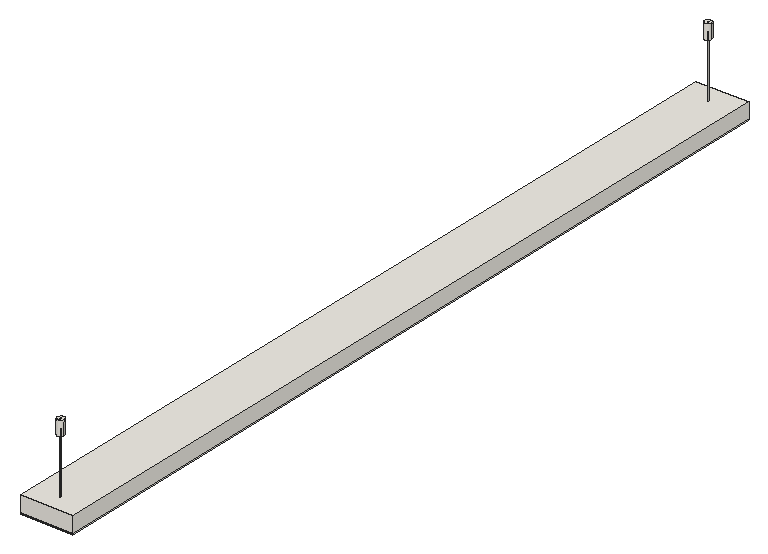
Revit family "ERA_LF_PR_SPO-5-40", category Осветительные приборы, Revit 2019 (continued)
Types (4, lengths in mm): name | Файл фотометрической сетки | built-in parameter 1150142 | Lumens | built-in parameter 1150107 | URL | ADSK_Масса | ADSK_Марка | ADSK_Обозначение | ADSK_Наименование
  SPO-5-40-6K-P (F), LED, IP20, 1200х75х24 мм (ДхШхВ), 36 Вт, 6500 К, 2880 лм, класс защиты I, в комплекте (импульсный драйвер, поликарбонат) | "SPO-5-40-6K-P (F).ies" | "IESNA:LM-63-1995\r\n[DATA] 30.11.2020\r\n[MANUFAC]??РА\r\n[LUMCAT] \r\n[LUMINAIRE] Светильник SPO-5-40-6K-P(F)\r\n[LAMP] Светодиодный модуль\r\nTILT=NONE\r\n1 3981 3.981 181 37 1 2 1.197 0.07 0.025\r\n1 1 33.938\r\n0 1 2 3 4 5 6 7 8 9 10 11 12 13 14 15 16 17 18 19 20 21 22 23 24 25 26 27 28 29 30 31 32 33 34 35 36 37 38 39 40 41 42 43 44 45 46 47 48 49 50 51 52 53 54 55 56 57 58 59 60 61 62 63 64 65 66 67 68 69 70 71 72 73 74 75 76 77 78 79 80 81 82 83 84 85 86 87 88 89 90 91 92 93 94 95 96 97 98 99 100 101 102 103 104 105 106 107 108 109 110 111 112 113 114 115 116 117 118 119 120 121 122 123 124 125 126 127 128 129 130 131 132 133 134 135 136 137 138 139 140 141 142 143 144 145 146 147 148 149 150 151 152 153 154 155 156 157 158 159 160 161 162 163 164 165 166 167 168 169 170 171 172 173 174 175 176 177 178 179 180 \r\n0 10 20 30 40 50 60 70 80 90 100 110 120 130 140 150 160 170 180 190 200 210 220 230 240 250 260 270 280 290 300 310 320 330 340 350 360 \r\n345.8 345.6 345.9 346.4 346.4 345.4 342.2 338.6 335.8 334.6 334.6 335.4 334.1 330.7 328.2 325.4 321.9 319.1 315.8 312.2 309.3 306.6 306.3 306.7 306 305.4 304.8 304.6 305.4 306 306.2 305.5 302.5 297 289.2 280.3 273.7 269.6 265.8 260 254.8 251.7 251.6 252.4 252 248.9 242.9 235 227 220.3 214.3 207 199.4 192.3 186.2 180.9 176.6 174.1 172.6 171.3 168.5 163.5 155.5 144 132.8 123.1 114.4 107.5 102.3 97.4 90.8 83.2 76.4 69.4 62.6 55.6 49.4 45 40.1 35 30 25.9 22.2 19.3 16.9 14.8 13 11.4 9.9 8.7 7.7 6.9 6.1 5.5 5.1 4.6 4.1 3.8 3.5 3.2 0 0 0 0 0 0 0 0 0 0 0 0 0 0 0 0 0 0 0 0 0 0 0 0 0 0 0 0 0 0 0 0 0 0 0 0 0 0 0 0 0 0 0 0 0 0 0 0 0 0 0 0 0 0 0 0 0 0 0 0 0 0 0 0 0 0 0 0 0 0 0 0 0 0 0 0 0 0 0 0 0\r\n345.8 346.1 346.8 348.8 351.8 353.6 351.9 347.3 342.8 338.4 335.9 335.5 335.1 333.1 330.5 328.3 325.4 322.4 319.1 314.9 311.6 310.1 309.7 309.7 309.8 309.6 309.6 310 310.1 309.7 308.4 306.3 302.5 298.4 292.7 285 277.6 272.4 267.9 262.7 256.9 253.5 253.3 254.9 254.7 251.6 245 236.6 227.5 219.7 214 210 205.7 199.6 192.1 184.6 177.7 172.9 171.5 171.8 170 164.5 156.6 147.9 137.9 127.5 118.2 111.3 105.8 99.8 92.1 84.1 76.9 70.1 63.1 56.4 50.3 45.3 40.5 35.4 30.6 26.5 22.9 19.7 17.2 15 13.1 11.5 10 8.8 7.9 7 6.5 5.7 5.3 5 4.5 4.1 3.9 3.6 3.2 3 0 0 0 0 0 0 0 0 0 0 0 0 0 0 0 0 0 0 0 0 0 0 0 0 0 0 0 0 0 0 0 0 0 0 0 0 0 0 0 0 0 0 0 0 0 0 0 0 0 0 0 0 0 0 0 0 0 0 0 0 0 0 0 0 0 0 0 0 0 0 0 0 0 0 0 0 0 0 0\r\n345.8 345.8 346.4 348 350.6 352.5 351.4 347.1 342.6 338.7 335.8 334.8 334.9 333.8 331 328.3 326.1 323.1 320.2 316.9 312.8 309.4 307.5 307 306.8 306.8 306.3 305.8 305.9 305.9 305.5 304.5 302.7 299.5 295.4 290.2 282.7 274.3 268.3 263.9 259.1 253 248.3 246.7 247.9 248.7 246.6 241 232.6 223.6 215.1 208.7 204.1 199.2 193.3 186.2 179.1 171.9 166.1 163.4 163 161.3 157 149.8 140.8 130.9 120.6 111 103.3 97.4 91.8 84.9 77.4 70.2 64 57.3 50.7 45 40.6 36.4 31.6 26.9 22.9 20 17.3 14.9 13.1 11.4 10.1 8.8 7.7 6.8 6.2 5.5 5.1 4.7 4.2 3.9 3.6 3.2 0 0 0 0 0 0 0 0 0 0 0 0 0 0 0 0 0 0 0 0 0 0 0 0 0 0 0 0 0 0 0 0 0 0 0 0 0 0 0 0 0 0 0 0 0 0 0 0 0 0 0 0 0 0 0 0 0 0 0 0 0 0 0 0 0 0 0 0 0 0 0 0 0 0 0 0 0 0 0 0 0\r\n345.8 345.6 346.1 347.8 350.2 352.4 352.8 350.1 345.8 341.4 337.6 335.1 333.8 333.3 332.2 329.7 326.9 324.7 322.4 319.5 316.2 312.2 308.2 305.4 304.1 303.5 302.8 302.5 301.7 301 300.8 300.5 299.9 298.5 296.4 292.9 288.7 284.3 278 269.9 262.5 257.1 252.1 246.6 241.1 237.8 237.3 238.1 237.2 232.6 224.7 215.4 206.2 198.2 192.4 188.4 184.1 177.9 169.8 161.7 154.6 149.3 147.5 146.9 142.8 135 126 117.2 108.2 99 90.9 84.2 77.8 71.4 65.1 58.6 52.8 47.2 41.5 36.9 33.2 29.3 25.3 21.4 18.4 16 14.1 12.3 10.7 9.5 8.3 7.3 6.5 5.7 5.2 4.6 4.1 3.8 3.4 0 0 0 0 0 0 0 0 0 0 0 0 0 0 0 0 0 0 0 0 0 0 0 0 0 0 0 0 0 0 0 0 0 0 0 0 0 0 0 0 0 0 0 0 0 0 0 0 0 0 0 0 0 0 0 0 0 0 0 0 0 0 0 0 0 0 0 0 0 0 0 0 0 0 0 0 0 0 0 0 0 0\r\n345.8 345.7 345.9 346.9 348.7 350.9 352.4 351.8 348.9 344.7 340.5 336.9 334.3 332.6 331.6 330.7 328.8 326 323.1 320.9 318.5 315.6 312.2 308.3 303.9 300.3 298.3 297 296 295 294 292.7 291.7 291.1 290.3 289.1 287.3 284.6 280.9 276.7 272.4 266.8 259.3 250.7 243.4 237.7 232 226.3 221.6 219.5 218.8 217.1 212.6 205.5 196.9 188 179.5 173.1 168.8 164.9 159.1 151 142.2 135 130 127.2 124.3 119 111.2 103 95.4 87.8 79.9 72.3 65.4 59.1 53.5 48.5 43.6 38.5 33.9 29.9 26.3 23.2 20.3 17.4 15 13.1 11.4 9.9 8.7 7.6 6.6 5.7 5 4.4 3.9 3.4 0 0 0 0 0 0 0 0 0 0 0 0 0 0 0 0 0 0 0 0 0 0 0 0 0 0 0 0 0 0 0 0 0 0 0 0 0 0 0 0 0 0 0 0 0 0 0 0 0 0 0 0 0 0 0 0 0 0 0 0 0 0 0 0 0 0 0 0 0 0 0 0 0 0 0 0 0 0 0 0 0 0 0\r\n345.8 345.6 345.4 345.9 347.1 348.6 350 350.9 350.5 348.5 345.3 341.6 337.9 334.6 332.1 330.3 328.9 327.6 326 323.6 320.5 317.4 314.6 312 309.4 306.4 302.8 298.6 294.2 290.4 287.4 285.3 283.8 282.1 280.1 277.9 275.4 273.5 271.7 269.7 267.2 264.1 260.5 256.5 252.4 247.8 241.8 234.1 225.5 217.6 211.1 204.8 198.9 194.9 192.1 189 184.7 178.9 171.5 163.3 155.6 148.7 142.9 137.8 131.7 123.2 114.7 108.2 103.5 99.5 94.1 86.8 79.4 72.6 66.2 59.6 52.9 47 42.2 37.7 33.3 29.4 25.8 22.5 19.8 17.4 15.2 13.2 11.5 10.1 8.7 7.5 6.4 5.5 4.6 3.8 3.2 0 0 0 0 0 0 0 0 0 0 0 0 0 0 0 0 0 0 0 0 0 0 0 0 0 0 0 0 0 0 0 0 0 0 0 0 0 0 0 0 0 0 0 0 0 0 0 0 0 0 0 0 0 0 0 0 0 0 0 0 0 0 0 0 0 0 0 0 0 0 0 0 0 0 0 0 0 0 0 0 0 0 0 0\r\n345.8 345.6 345.3 345.3 345.5 346.1 346.8 347.6 348.4 348.8 348.1 346.3 343.6 340.6 337.3 333.9 330.9 328.1 325.8 323.8 321.9 319.9 317.8 315.2 312 308.3 304.6 301.2 298.1 295.2 292.2 288.7 284.6 279.7 274.5 269.6 265.2 261.3 258.1 255.3 252.8 250.1 247.2 244 240.9 237.8 234.5 231 227.2 223.3 219.4 215.3 210.6 204.6 197.1 189.2 181.5 174.1 167 160.1 153.8 148.2 142.5 136.7 130.1 122.4 115 108.6 102.8 96.3 88.4 80.3 73.8 68.7 63.2 57.2 51.3 45.7 40.5 35.5 31 27.2 23.8 20.7 17.9 15.4 13.2 11.4 9.9 8.5 7.2 6.2 5.2 4.2 3.3 0 0 0 0 0 0 0 0 0 0 0 0 0 0 0 0 0 0 0 0 0 0 0 0 0 0 0 0 0 0 0 0 0 0 0 0 0 0 0 0 0 0 0 0 0 0 0 0 0 0 0 0 0 0 0 0 0 0 0 0 0 0 0 0 0 0 0 0 0 0 0 0 0 0 0 0 0 0 0 0 0 0 0 0 0 0\r\n345.8 345.6 345.4 345.1 344.9 344.9 345 345.2 345.4 345.7 346 346.2 346.2 345.7 344.8 343.2 340.9 338.1 335.1 331.8 328.4 324.9 321.6 318.4 315.4 312.4 309.6 306.7 303.7 300.4 296.6 292.4 287.7 282.6 277.4 272.3 267.4 262.9 258.7 254.6 250.7 246.6 242.2 237.4 232.6 227.9 223.1 218.1 213.3 208.7 204.4 200.3 195.8 191 185.7 180.2 174.6 169.3 164.1 158.9 153.5 147.8 142.2 137 131.5 124.6 116.3 107.4 99.2 91.9 85.4 78.8 72.4 66.3 60.5 54.7 49.2 43.9 38.6 33.5 28.8 24.6 21.1 18 15.1 12.7 10.7 9 7.4 6.1 5 4 3.1 0 0 0 0 0 0 0 0 0 0 0 0 0 0 0 0 0 0 0 0 0 0 0 0 0 0 0 0 0 0 0 0 0 0 0 0 0 0 0 0 0 0 0 0 0 0 0 0 0 0 0 0 0 0 0 0 0 0 0 0 0 0 0 0 0 0 0 0 0 0 0 0 0 0 0 0 0 0 0 0 0 0 0 0 0 0 0 0\r\n345.8 345.7 345.5 345.1 344.7 344.1 343.6 343.1 342.6 342.1 341.5 340.9 340.2 339.5 338.8 338 336.9 335.7 334.6 333.3 331.9 330.2 328.4 326.4 324.2 321.7 318.8 315.5 312 308.2 304 299.5 294.9 290.3 285.9 281.6 277.3 273.1 269 264.9 260.6 256.2 251.6 246.6 241.1 235.1 228.7 222.1 215.4 208.7 202 195.4 188.9 182.6 176.1 169.7 163.3 156.7 150 143.6 137.6 132.1 126.8 121.4 115.5 109.2 102.8 96.2 89.6 82.9 76.3 70 64 58.4 52.9 47.4 41.9 36.4 31.2 26.6 22.4 18.6 15.4 12.5 10 7.8 5.9 4.5 3.3 0 0 0 0 0 0 0 0 0 0 0 0 0 0 0 0 0 0 0 0 0 0 0 0 0 0 0 0 0 0 0 0 0 0 0 0 0 0 0 0 0 0 0 0 0 0 0 0 0 0 0 0 0 0 0 0 0 0 0 0 0 0 0 0 0 0 0 0 0 0 0 0 0 0 0 0 0 0 0 0 0 0 0 0 0 0 0 0 0 0 0 0\r\n345.8 345.7 345.6 345.3 345 344.5 344.1 343.5 342.7 342 341.1 340.2 339.2 338.1 336.9 335.4 334 332.4 330.7 329 327.1 325.1 323 321 318.9 316.7 314.3 311.7 308.9 305.7 302.3 298.5 294.6 291 287.4 283.8 280.4 276.8 273.1 269.4 265.5 261.5 257.3 253 248.7 244.2 239.5 234.7 229.6 224.3 218.9 213.3 207.4 201.3 195 188.5 181.8 175.1 167.9 160.2 152.5 144.9 137.7 130.5 123.3 115.9 108.1 100.4 92.5 84.4 76.4 68.6 61.4 54.8 48.4 42.3 36.4 30.9 26 21.5 17.6 14.2 11.3 8.8 6.8 5.1 3.8 0 0 0 0 0 0 0 0 0 0 0 0 0 0 0 0 0 0 0 0 0 0 0 0 0 0 0 0 0 0 0 0 0 0 0 0 0 0 0 0 0 0 0 0 0 0 3 0 0 0 0 0 0 0 0 0 0 0 0 0 0 0 0 0 0 0 0 0 0 0 0 0 0 0 0 0 0 0 0 0 0 0 0 0 0 0 0 0 0 0 0 0 0 0\r\n345.8 345.7 345.5 345.1 344.7 344.1 343.6 343.1 342.6 342.1 341.5 340.9 340.2 339.5 338.8 338 336.9 335.7 334.6 333.3 331.9 330.2 328.4 326.4 324.2 321.7 318.8 315.5 312 308.2 304 299.5 294.9 290.3 285.9 281.6 277.3 273.1 269 264.9 260.6 256.2 251.6 246.6 241.1 235.1 228.7 222.1 215.4 208.7 202 195.4 188.9 182.6 176.1 169.7 163.3 156.7 150 143.6 137.6 132.1 126.8 121.4 115.5 109.2 102.8 96.2 89.6 82.9 76.3 70 64 58.4 52.9 47.4 41.9 36.4 31.2 26.6 22.4 18.6 15.4 12.5 10 7.8 5.9 4.5 3.3 0 0 0 0 0 0 0 0 0 0 0 0 0 0 0 0 0 0 0 0 0 0 0 0 0 0 0 0 0 0 0 0 0 0 0 0 0 0 0 0 0 0 0 0 0 0 0 0 0 0 0 0 0 0 0 0 0 0 0 0 0 0 0 0 0 0 0 0 0 0 0 0 0 0 0 0 0 0 0 0 0 0 0 0 0 0 0 0 0 0 0 0\r\n345.8 345.6 345.4 345.1 344.9 344.9 345 345.2 345.4 345.7 346 346.2 346.2 345.7 344.8 343.2 340.9 338.1 335.1 331.8 328.4 324.9 321.6 318.4 315.4 312.4 309.6 306.7 303.7 300.4 296.6 292.4 287.7 282.6 277.4 272.3 267.4 262.9 258.7 254.6 250.7 246.6 242.2 237.4 232.6 227.9 223.1 218.1 213.3 208.7 204.4 200.3 195.8 191 185.7 180.2 174.6 169.3 164.1 158.9 153.5 147.8 142.2 137 131.5 124.6 116.3 107.4 99.2 91.9 85.4 78.8 72.4 66.3 60.5 54.7 49.2 43.9 38.6 33.5 28.8 24.6 21.1 18 15.1 12.7 10.7 9 7.4 6.1 5 4 3.1 0 0 0 0 0 0 0 0 0 0 0 0 0 0 0 0 0 0 0 0 0 0 0 0 0 0 0 0 0 0 0 0 0 0 0 0 0 0 0 0 0 0 0 0 0 0 0 0 0 0 0 0 0 0 0 0 0 0 0 0 0 0 0 0 0 0 0 0 0 0 0 0 0 0 0 0 0 0 0 0 0 0 0 0 0 0 0 0\r\n345.8 345.6 345.3 345.3 345.5 346.1 346.8 347.6 348.4 348.8 348.1 346.3 343.6 340.6 337.3 333.9 330.9 328.1 325.8 323.8 321.9 319.9 317.8 315.2 312 308.3 304.6 301.2 298.1 295.2 292.2 288.7 284.6 279.7 274.5 269.6 265.2 261.3 258.1 255.3 252.8 250.1 247.2 244 240.9 237.8 234.5 231 227.2 223.3 219.4 215.3 210.6 204.6 197.1 189.2 181.5 174.1 167 160.1 153.8 148.2 142.5 136.7 130.1 122.4 115 108.6 102.8 96.3 88.4 80.3 73.8 68.7 63.2 57.2 51.3 45.7 40.5 35.5 31 27.2 23.8 20.7 17.9 15.4 13.2 11.4 9.9 8.5 7.2 6.2 5.2 4.2 3.3 0 0 0 0 0 0 0 0 0 0 0 0 0 0 0 0 0 0 0 0 0 0 0 0 0 0 0 0 0 0 0 0 0 0 0 0 0 0 0 0 0 0 0 0 0 0 0 0 0 0 0 0 0 0 0 0 0 0 0 0 0 0 0 0 0 0 0 0 0 0 0 0 0 0 0 0 0 0 0 0 0 0 0 0 0 0\r\n345.8 345.6 345.4 345.9 347.1 348.6 350 350.9 350.5 348.5 345.3 341.6 337.9 334.6 332.1 330.3 328.9 327.6 326 323.6 320.5 317.4 314.6 312 309.4 306.4 302.8 298.6 294.2 290.4 287.4 285.3 283.8 282.1 280.1 277.9 275.4 273.5 271.7 269.7 267.2 264.1 260.5 256.5 252.4 247.8 241.8 234.1 225.5 217.6 211.1 204.8 198.9 194.9 192.1 189 184.7 178.9 171.5 163.3 155.6 148.7 142.9 137.8 131.7 123.2 114.7 108.2 103.5 99.5 94.1 86.8 79.4 72.6 66.2 59.6 52.9 47 42.2 37.7 33.3 29.4 25.8 22.5 19.8 17.4 15.2 13.2 11.5 10.1 8.7 7.5 6.4 5.5 4.6 3.8 3.2 0 0 0 0 0 0 0 0 0 0 0 0 0 0 0 0 0 0 0 0 0 0 0 0 0 0 0 0 0 0 0 0 0 0 0 0 0 0 0 0 0 0 0 0 0 0 0 0 0 0 0 0 0 0 0 0 0 0 0 0 0 0 0 0 0 0 0 0 0 0 0 0 0 0 0 0 0 0 0 0 0 0 0 0\r\n345.8 345.7 345.9 346.9 348.7 350.9 352.4 351.8 348.9 344.7 340.5 336.9 334.3 332.6 331.6 330.7 328.8 326 323.1 320.9 318.5 315.6 312.2 308.3 303.9 300.3 298.3 297 296 295 294 292.7 291.7 291.1 290.3 289.1 287.3 284.6 280.9 276.7 272.4 266.8 259.3 250.7 243.4 237.7 232 226.3 221.6 219.5 218.8 217.1 212.6 205.5 196.9 188 179.5 173.1 168.8 164.9 159.1 151 142.2 135 130 127.2 124.3 119 111.2 103 95.4 87.8 79.9 72.3 65.4 59.1 53.5 48.5 43.6 38.5 33.9 29.9 26.3 23.2 20.3 17.4 15 13.1 11.4 9.9 8.7 7.6 6.6 5.7 5 4.4 3.9 3.4 0 0 0 0 0 0 0 0 0 0 0 0 0 0 0 0 0 0 0 0 0 0 0 0 0 0 0 0 0 0 0 0 0 0 0 0 0 0 0 0 0 0 0 0 0 0 0 0 0 0 0 0 0 0 0 0 0 0 0 0 0 0 0 0 0 0 0 0 0 0 0 0 0 0 0 0 0 0 0 0 0 0 0\r\n345.8 345.6 346.1 347.8 350.2 352.4 352.8 350.1 345.8 341.4 337.6 335.1 333.8 333.3 332.2 329.7 326.9 324.7 322.4 319.5 316.2 312.2 308.2 305.4 304.1 303.5 302.8 302.5 301.7 301 300.8 300.5 299.9 298.5 296.4 292.9 288.7 284.3 278 269.9 262.5 257.1 252.1 246.6 241.1 237.8 237.3 238.1 237.2 232.6 224.7 215.4 206.2 198.2 192.4 188.4 184.1 177.9 169.8 161.7 154.6 149.3 147.5 146.9 142.8 135 126 117.2 108.2 99 90.9 84.2 77.8 71.4 65.1 58.6 52.8 47.2 41.5 36.9 33.2 29.3 25.3 21.4 18.4 16 14.1 12.3 10.7 9.5 8.3 7.3 6.5 5.7 5.2 4.6 4.1 3.8 3.4 0 0 0 0 0 0 0 0 0 0 0 0 0 0 0 0 0 0 0 0 0 0 0 0 0 0 0 0 0 0 0 0 0 0 0 0 0 0 0 0 0 0 0 0 0 0 0 0 0 0 0 0 0 0 0 0 0 0 0 0 0 0 0 0 0 0 0 0 0 0 0 0 0 0 0 0 0 0 0 0 0 0\r\n345.8 345.8 346.4 348 350.6 352.5 351.4 347.1 342.6 338.7 335.8 334.8 334.9 333.8 331 328.3 326.1 323.1 320.2 316.9 312.8 309.4 307.5 307 306.8 306.8 306.3 305.8 305.9 305.9 305.5 304.5 302.7 299.5 295.4 290.2 282.7 274.3 268.3 263.9 259.1 253 248.3 246.7 247.9 248.7 246.6 241 232.6 223.6 215.1 208.7 204.1 199.2 193.3 186.2 179.1 171.9 166.1 163.4 163 161.3 157 149.8 140.8 130.9 120.6 111 103.3 97.4 91.8 84.9 77.4 70.2 64 57.3 50.7 45 40.6 36.4 31.6 26.9 22.9 20 17.3 14.9 13.1 11.4 10.1 8.8 7.7 6.8 6.2 5.5 5.1 4.7 4.2 3.9 3.6 3.2 0 0 0 0 0 0 0 0 0 0 0 0 0 0 0 0 0 0 0 0 0 0 0 0 0 0 0 0 0 0 0 0 0 0 0 0 0 0 0 0 0 0 0 0 0 0 0 0 0 0 0 0 0 0 0 0 0 0 0 0 0 0 0 0 0 0 0 0 0 0 0 0 0 0 0 0 0 0 0 0 0\r\n345.8 346.1 346.8 348.8 351.8 353.6 351.9 347.3 342.8 338.4 335.9 335.5 335.1 333.1 330.5 328.3 325.4 322.4 319.1 314.9 311.6 310.1 309.7 309.7 309.8 309.6 309.6 310 310.1 309.7 308.4 306.3 302.5 298.4 292.7 285 277.6 272.4 267.9 262.7 256.9 253.5 253.3 254.9 254.7 251.6 245 236.6 227.5 219.7 214 210 205.7 199.6 192.1 184.6 177.7 172.9 171.5 171.8 170 164.5 156.6 147.9 137.9 127.5 118.2 111.3 105.8 99.8 92.1 84.1 76.9 70.1 63.1 56.4 50.3 45.3 40.5 35.4 30.6 26.5 22.9 19.7 17.2 15 13.1 11.5 10 8.8 7.9 7 6.5 5.7 5.3 5 4.5 4.1 3.9 3.6 3.2 3 0 0 0 0 0 0 0 0 0 0 0 0 0 0 0 0 0 0 0 0 0 0 0 0 0 0 0 0 0 0 0 0 0 0 0 0 0 0 0 0 0 0 0 0 0 0 0 0 0 0 0 0 0 0 0 0 0 0 0 0 0 0 0 0 0 0 0 0 0 0 0 0 0 0 0 0 0 0 0\r\n345.8 345.6 345.9 346.4 346.4 345.4 342.2 338.6 335.8 334.6 334.6 335.4 334.1 330.7 328.2 325.4 321.9 319.1 315.8 312.2 309.3 306.6 306.3 306.7 306 305.4 304.8 304.6 305.4 306 306.2 305.5 302.5 297 289.2 280.3 273.7 269.6 265.8 260 254.8 251.7 251.6 252.4 252 248.9 242.9 235 227 220.3 214.3 207 199.4 192.3 186.2 180.9 176.6 174.1 172.6 171.3 168.5 163.5 155.5 144 132.8 123.1 114.4 107.5 102.3 97.4 90.8 83.2 76.4 69.4 62.6 55.6 49.4 45 40.1 35 30 25.9 22.2 19.3 16.9 14.8 13 11.4 9.9 8.7 7.7 6.9 6.1 5.5 5.1 4.6 4.1 3.8 3.5 3.2 0 0 0 0 0 0 0 0 0 0 0 0 0 0 0 0 0 0 0 0 0 0 0 0 0 0 0 0 0 0 0 0 0 0 0 0 0 0 0 0 0 0 0 0 0 0 0 0 0 0 0 0 0 0 0 0 0 0 0 0 0 0 0 0 0 0 0 0 0 0 0 0 0 0 0 0 0 0 0 0 0\r\n345.8 346.1 346.8 348.8 351.8 353.6 351.9 347.3 342.8 338.4 335.9 335.5 335.1 333.1 330.5 328.3 325.4 322.4 319.1 314.9 311.6 310.1 309.7 309.7 309.8 309.6 309.6 310 310.1 309.7 308.4 306.3 302.5 298.4 292.7 285 277.6 272.4 267.9 262.7 256.9 253.5 253.3 254.9 254.7 251.6 245 236.6 227.5 219.7 214 210 205.7 199.6 192.1 184.6 177.7 172.9 171.5 171.8 170 164.5 156.6 147.9 137.9 127.5 118.2 111.3 105.8 99.8 92.1 84.1 76.9 70.1 63.1 56.4 50.3 45.3 40.5 35.4 30.6 26.5 22.9 19.7 17.2 15 13.1 11.5 10 8.8 7.9 7 6.5 5.7 5.3 5 4.5 4.1 3.9 3.6 3.2 3 0 0 0 0 0 0 0 0 0 0 0 0 0 0 0 0 0 0 0 0 0 0 0 0 0 0 0 0 0 0 0 0 0 0 0 0 0 0 0 0 0 0 0 0 0 0 0 0 0 0 0 0 0 0 0 0 0 0 0 0 0 0 0 0 0 0 0 0 0 0 0 0 0 0 0 0 0 0 0\r\n345.8 345.8 346.4 348 350.6 352.5 351.4 347.1 342.6 338.7 335.8 334.8 334.9 333.8 331 328.3 326.1 323.1 320.2 316.9 312.8 309.4 307.5 307 306.8 306.8 306.3 305.8 305.9 305.9 305.5 304.5 302.7 299.5 295.4 290.2 282.7 274.3 268.3 263.9 259.1 253 248.3 246.7 247.9 248.7 246.6 241 232.6 223.6 215.1 208.7 204.1 199.2 193.3 186.2 179.1 171.9 166.1 163.4 163 161.3 157 149.8 140.8 130.9 120.6 111 103.3 97.4 91.8 84.9 77.4 70.2 64 57.3 50.7 45 40.6 36.4 31.6 26.9 22.9 20 17.3 14.9 13.1 11.4 10.1 8.8 7.7 6.8 6.2 5.5 5.1 4.7 4.2 3.9 3.6 3.2 0 0 0 0 0 0 0 0 0 0 0 0 0 0 0 0 0 0 0 0 0 0 0 0 0 0 0 0 0 0 0 0 0 0 0 0 0 0 0 0 0 0 0 0 0 0 0 0 0 0 0 0 0 0 0 0 0 0 0 0 0 0 0 0 0 0 0 0 0 0 0 0 0 0 0 0 0 0 0 0 0\r\n345.8 345.6 346.1 347.8 350.2 352.4 352.8 350.1 345.8 341.4 337.6 335.1 333.8 333.3 332.2 329.7 326.9 324.7 322.4 31
